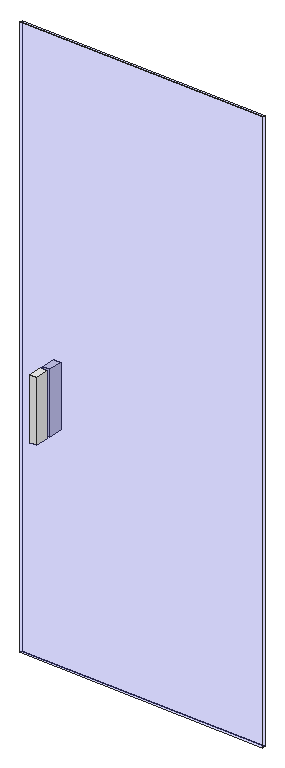
Revit family "1f54046de5534e518c350f6a679fa046", category Doors, Revit 2025
Family settings
  OmniClass Number = 23.30.10.00
  OmniClass Title = Doors
  Always vertical = Yes
  Cut with Voids When Loaded = No
  Shared = No
  Room Calculation Point = No
Parameters
  Width [instance] = 3' - 0"
  Visual Light Transmittance = 0
  Thermal Resistance (R) = 10.0000 (h·ft²·°F)/BTU
  Swing Angle [instance] = 90.00°
  Solar Heat Gain Coefficient = 0
  Define Thermal Properties by = 1
  Construction Type Id = ""
  Heat Transfer Coefficient (U) = 0.1000 BTU/(h·ft²·°F)
  Door Handle Material = Aluminum
  Glazing = Glass
  Function = Exterior
  Assembly Code = "B2030100"
  Offset = 0' - 2"
  Analytic Construction = "<None>"
Reference planes (in)
  plane 1 "Center (Front/Back)": y = 0
  plane 2: z = 0
  plane 3 "Center (Left/Right)": x = -0.00106
  plane 4 "Left": x = -18.00106
  plane 5 "Right": x = 17.99894
  plane 6 "Top": z = 84
  plane 7: y = 2
Forms (in)
  Extrusion 1, solid, material "Glass" <- "Glazing"
    sketch origin (-21.25, 0, 0) x (1, 0, 0) y (0, 1, 0)
      loop
        line (3.24894, 2) -> (3.24894, 1.5) -> (39.24894, 1.5) -> (39.24894, 2) -> (3.24894, 2)
    from 0 to 84
  Extrusion 2, solid, material "Aluminum" <- "Door Handle Material", detail levels fine
    sketch origin (-5.00106, 2, 84) x (0, 0, -1) y (-1, 0, 0)
      loop
        line (45, 9) -> (54, 9) -> (54, 10) -> (45, 10) -> (45, 9)
    from 0 to 2
  Extrusion 3, solid, material "Aluminum" <- "Door Handle Material", detail levels fine
    sketch origin (-18.00106, 1.5, 84) x (0, 0, -1) y (1, 0, 0)
      loop
        line (45, 3) -> (54, 3) -> (54, 4) -> (45, 4) -> (45, 3)
    from 0 to 2
Lines and regions (in)
  symbolic lines, style "Elevation Swing"
    curve 1: line (-18.00106, 1.5, 84) -> (17.99894, 1.5, 42)
    curve 2: line (-18.00106, 1.5, 0) -> (17.99894, 1.5, 42)
Text (in)
  text "Exterior" at (-39.55482, 40.74818, 0), in view "Ref. Level"
Dimensions and locks (in)
  equal spacing: plane 4 "Left", plane 3 "Center (Left/Right)", plane 5 "Right"
  "Offset": plane 1 "Center (Front/Back)" to plane 7
  plane 2 to plane 6 "Top" = 7' - 0"
  Extrusion 1 to Extrusion 3 = 0' - 3"
  equal spacing: plane 2, curve 2, plane 6 "Top"
  "Width": plane 4 "Left" to plane 5 "Right"
  aligned and locked: Extrusion 1 to plane 6 "Top"
  aligned and locked: Extrusion 1 sketch curve to plane 4 "Left"
  aligned and locked: Extrusion 1 to plane 2
  aligned and locked: plane 7 to nested 1
  aligned and locked: nested 1 to plane 5 "Right"  (x2)
  aligned and locked: Extrusion 1 to plane 7
  aligned and locked: nested 1 to plane 4 "Left"
Automatic sketch dimensions
  curve 1 to plane 4 "Left" = 0' - 0"
  curve 1 to plane 6 "Top" = 0' - 0"
  curve 2 to plane 5 "Right" = 0' - 0"
  curve 2 to level = 0' - 0"
  curve 2 to plane 4 "Left" = 0' - 0"
  Extrusion 3 sketch curve to plane 4 "Left" = 0' - 4"
  level to Extrusion 3 sketch curve = 3' - 3"
  Extrusion 3 sketch curve to plane 4 "Left" = 0' - 3"
  Extrusion 3 sketch curve to Extrusion 3 sketch curve = 0' - 9"
  Extrusion 1 sketch curve to plane 5 "Right" = 0' - 0"
  Extrusion 1 sketch curve to plane 7 = 0' - 0"
  Extrusion 1 sketch curve to Extrusion 1 sketch curve = 0' - 0 1/2"
  Extrusion 2 sketch curve to plane 4 "Left" = 0' - 3"
  level to Extrusion 2 sketch curve = 3' - 3"
  Extrusion 2 sketch curve to plane 4 "Left" = 0' - 4"
  Extrusion 2 sketch curve to Extrusion 2 sketch curve = 0' - 9"
Nested families (in)
  nested 1: "Curtain Wall Door Swing-Single" at (17.99894, 2, 0), Swing Angle <- "Swing Angle", type "Single"
    with Swing Visible yes, Swing Angle 90.00°, Actual Angle 90.00°
Definition of nested family "Curtain Wall Door Swing-Single"
  Parameters
    Width = 3' - 0"
    Thickness = 0' - 0"
    Swing Visible [instance] = Swing Angle > 1.00°  # yes
    Swing Angle [instance] = 45.00°
    Assembly Code = ""
    Analytic Construction = "<None>"
    Actual Angle [instance] = if(Swing Angle < 1.00°, 1.00°, Swing Angle)  # 45.00°
  Reference planes (in)
    plane 1 "Center (Front/Back)": y = 0
    plane 2: z = 0
    plane 3 "Center (Left/Right)": x = 0
    plane 4: x = -36
  Lines and regions (in)
    symbolic lines
      curve 1: line (0, 0, 0) -> (-36, 0, 0)
      curve 5: line (0, 0, 0) -> (-25.45584, 25.45584, 0)
    symbolic lines, visible <- "Swing Visible"
      curve 2: arc (-36, 0, 0) -> (-33.25966, 13.7766, 0) -> (-25.45584, 25.45584, 0) r 36
    reference lines
      curve 3: line (0, 0, 0) -> (-25.45584, 25.45584, 0)
    model lines
      curve 4: line (0, 0, 0) -> (0, 0, 1)
  Dimensions and locks (in)
    "Width": plane 4 to plane 3 "Center (Left/Right)"
    locked: curve 2 to plane 3 "Center (Left/Right)"
    locked: curve 2 to plane 1 "Center (Front/Back)"
    "Width": curve 3 to curve 3
    locked: curve 4 to plane 2 at 1
    "Width": radius of curve 2
    "Actual Angle": angle curve 2 to curve 2
    "Swing Angle": angle curve 3 to plane 1 "Center (Front/Back)"
    aligned and locked: plane 3 "Center (Left/Right)" to curve 1
    aligned and locked: plane 3 "Center (Left/Right)" to curve 3
    aligned and locked: plane 1 "Center (Front/Back)" to curve 3
    aligned and locked: plane 3 "Center (Left/Right)" to curve 4
    aligned and locked: plane 2 to curve 4
    aligned and locked: curve 5 to curve 3
